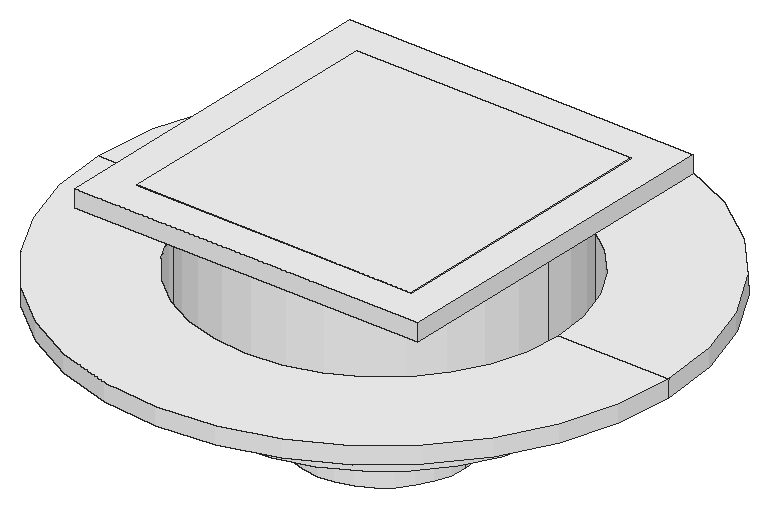
Revit family "Plumbing Fixture-FloorDrain_Mifab_C1100-S", category Plumbing Fixtures, host Face, Revit 2013
Parameters (values of type "2"")
  WFU = 0
  URL = "WWW.MIFAB.COM"
  Top Assembly Height = 1.250"
  Strainer Radius = Stainer Diameter / 2  # 4.150"
  Stainer Diameter = 8.300"
  Pipe Radius = Pipe Diameter / 2  # 1.000"
  Pipe Diameter = 2.000"
  Model = "C1100-S"
  Manufacturer = "MIFAB"
  Floor Drain Material = Paint - Sherwin Williams Paint - #952C2A - Bellwood Red
  Description = "FLOOR CLEANOUT WITH SQUARE ADJUSTABLE COVER AND PLUG"
  Default Elevation = 0.000"
  Body Height = 2.200"
Types (6): name | Strainer Radius | Stainer Diameter | Pipe Radius | Pipe Diameter | Description
  (no name) | 4.150" | 8.300" | 1.000" | 2.000" | "FLOOR CLEANOUT WITH SQUARE ADJUSTABLE COVER AND PLUG"
  3" | 4.150" | 8.300" | 1.500" | 3.000" | "FLOOR CLEANOUT WITH SQUARE ADJUSTABLE COVER AND PLUG\r\nBRONZE WALL ACCESS PANEL"
  2" | 4.150" | 8.300" | 1.000" | 2.000" | "FLOOR CLEANOUT WITH SQUARE ADJUSTABLE COVER AND PLUG"
  4" | 4.000" | 8.000" | 2.000" | 4.000" | "FLOOR CLEANOUT WITH SQUARE ADJUSTABLE COVER AND PLUG"
  5" | 4.000" | 8.000" | 2.500" | 5.000" | "FLOOR CLEANOUT WITH SQUARE ADJUSTABLE COVER AND PLUG\r\nBRONZE WALL ACCESS PANELLINE CLEANOUT WITH SQUARE, NICKEL\r\nBRONZE WALL ACCESS PANELLINE CLEANOUT WITH SQUARE, NICKEL\r\nBRONZE WALL ACCESS PANEL"
  6" | 4.000" | 8.000" | 3.000" | 6.000" | "FLOOR CLEANOUT WITH SQUARE ADJUSTABLE COVER AND PLUG\r\nBRONZE WALL ACCESS PANELLINE CLEANOUT WITH SQUARE, NICKEL\r\nBRONZE WALL ACCESS PANELLINE CLEANOUT WITH SQUARE, NICKEL\r\nBRONZE WALL ACCESS PANEL"
Reference planes (in)
  plane 1 "Center (Front/Back)": y = 0
  plane 2: z = 0
  plane 3 "Center (Left/Right)": x = 0
  plane 4: x = -4.15
  plane 5: x = 4.15
  plane 6: z = -3.45
  plane 7: x = -1
  plane 8: x = 1
  plane 9: z = -1.25
  plane 10: y = 3.5
  plane 11: y = -3.5
  plane 12: z = -4
Forms (in)
  Revolve 1, solid, material "Paint - Sherwin Williams Paint - #952C2A - Bellwood Red" <- "Floor Drain Material"
    sketch origin (0, 0, 0) x (1, 0, 0) y (0, 0, 1)
      loop
        line (1.2, -2.656) -> (2.775, -2.35) -> (2.775, -1.9) -> (3.06957, -1.9) -> (3.06957, -1.5) -> (4.15, -1.5) -> (4.15, -1.25) -> (2.54987, -1.25) -> (2.54987, -2.35) -> (1, -2.64997) -> (1, -3.45) -> (1.2, -3.45) -> (1.2, -2.656)
      axis (0, -1.25) -> (0, -3.45)
    angle from 0 to 360
  Revolve 2, solid, material "Paint - Sherwin Williams Paint - #952C2A - Bellwood Red" <- "Floor Drain Material"
    sketch origin (0, 0, 0) x (1, 0, 0) y (0, 0, 1)
      loop
        line (-2.3979, -1.9) -> (-2.0979, -1.9) -> (-2.0979, -0.25) -> (-2.3979, -0.25) -> (-2.3979, -1.9)
      axis (0, -0.25) -> (0, -1.9)
    angle from 0 to 360
  Extrusion 3, solid, material "Paint - Sherwin Williams Paint - #952C2A - Bellwood Red" <- "Floor Drain Material"
    sketch origin (0, 0, 0) x (1, 0, 0) y (0, 1, 0)
      loop
        line (-2.5, 2.5) -> (-2.5, -2.5) -> (2.5, -2.5) -> (2.5, 2.5) -> (-2.5, 2.5)
    from 0 to -0.25
  Extrusion 4, void
    sketch origin (0, 0, 0) x (1, 0, 0) y (0, 1, 0)
      loop
        line (-2, 2) -> (-2, -2) -> (2, -2) -> (2, 2) -> (-2, 2)
    from 0 to -0.125
  Extrusion 5, solid, material "Paint - Sherwin Williams Paint - #952C2A - Bellwood Red" <- "Floor Drain Material"
    sketch origin (0, 0, 0) x (1, 0, 0) y (0, 1, 0)
      loop
        line (-2, 2) -> (-2, -2) -> (2, -2) -> (2, 2) -> (-2, 2)
    from 0 to -0.125
Cuts and joins
  joined: Revolve 2, Extrusion 3
Lines and regions (in)
  symbolic lines
    curve 1: circle (0, 0, 0) r 4.15 normal (0, 0, 1)
  symbolic lines, style "PlumbingFixtures"
    curve 2: circle (0, 0, 0) r 1.00382 normal (0, 0, 1)
Dimensions and locks (in)
  equal spacing: plane 5, plane 3 "Center (Left/Right)", plane 4
  "Stainer Diameter": plane 5 to plane 4
  "Body Height": plane 9 to plane 6
  equal spacing: plane 8, plane 3 "Center (Left/Right)", plane 7
  "Pipe Diameter": plane 8 to plane 7
  "Top Assembly Height": host face to plane 9
  equal spacing: plane 10, plane 1 "Center (Front/Back)", plane 11
  Extrusion 3 sketch curve to Extrusion 3 sketch curve = 5.000"  (x2)
  equal spacing: Extrusion 3 sketch curve, plane 3 "Center (Left/Right)", Extrusion 3 sketch curve
  equal spacing: Extrusion 3 sketch curve, plane 1 "Center (Front/Back)", Extrusion 3 sketch curve
  Extrusion 3 to Extrusion 3 = 0.250"
  locked: Revolve 1 sketch curve to Revolve 1 sketch curve at 0.25
  locked: Revolve 1 sketch curve to Revolve 1 sketch curve at 0.2
  locked: Revolve 1 sketch curve to Revolve 1 sketch curve at 0.51971
  locked: Revolve 1 sketch curve to Revolve 1 sketch curve at 0.22513
  locked: Revolve 1 sketch curve to Revolve 1 sketch curve at 1.60013
  locked: Revolve 2 sketch curve to Revolve 2 sketch curve at 0.3
  locked: Revolve 2 sketch curve to Revolve 2 sketch curve at 2.3979
  locked: Extrusion 4 sketch curve to Extrusion 4 sketch curve at 4  (x2)
  equal spacing: Extrusion 4 sketch curve, plane 3 "Center (Left/Right)", Extrusion 4 sketch curve
  equal spacing: Extrusion 4 sketch curve, plane 1 "Center (Front/Back)", Extrusion 4 sketch curve
  "Strainer Radius": radius of curve 1
  aligned and locked: plane 2 to host face
  aligned and locked: level to host face
  aligned and locked: plane 1 "Center (Front/Back)" to curve 1
  aligned and locked: plane 3 "Center (Left/Right)" to curve 1
  aligned and locked: Revolve 1 sketch curve to plane 3 "Center (Left/Right)"
  aligned and locked: Revolve 1 sketch curve to plane 5
  aligned and locked: Extrusion 3 to Revolve 2 sketch curve
  aligned and locked: Revolve 1 to Revolve 2 sketch curve
  aligned and locked: Extrusion 5 sketch curve to Extrusion 4  (x4)
Automatic sketch dimensions
  host sketch curve to host sketch curve = 96.000"  (x2)
  Revolve 1 sketch curve to plane 6 = 0.000"
  Revolve 1 sketch curve to plane 8 = 0.200"
  Revolve 1 sketch curve to plane 9 = 0.000"
  plane 6 to Revolve 1 sketch curve = 0.794"
  Revolve 1 sketch curve to Revolve 1 sketch curve = 0.00603"
  Revolve 1 sketch curve to Revolve 1 sketch curve = 0.306"
  Revolve 1 sketch curve to Revolve 1 sketch curve = 0.000"
  Revolve 1 sketch curve to Revolve 1 sketch curve = 0.450"
  Revolve 1 sketch curve to plane 6 = 7.800"
  level to Revolve 1 sketch curve = 7.250"
  Revolve 2 sketch curve to plane 3 "Center (Left/Right)" = 0.000"
  plane 6 to Revolve 2 sketch curve = 0.07165"
  Revolve 2 sketch curve to level = 1.500"
  curve 1 to curve 2 = 0.000"  (x2)
  plane 1 "Center (Front/Back)" to curve 2 = 0.000"
  curve 2 to plane 3 "Center (Left/Right)" = 0.000"
  radius of curve 2 = 1.00382"
Connectors (in)
  piping at (0, 0, -3.45), driven by "Pipe Radius"
    settings: on Revolve 1, index 1, connector radius 1", flow factor 0, pipe flow 0 GPM, pressure drop 0.00 psi, fitting loss kfactor 0, connector angle 0.00°, fixture units 0, engagement length 0.000", flow configuration 0, flow direction 0, fitting loss method 0, system type 7, joint type 0, gender type 0, connector reference index -1, connector utility 0, adjustable connector no, is connector primary yes, fitting loss table "", connector description ""
